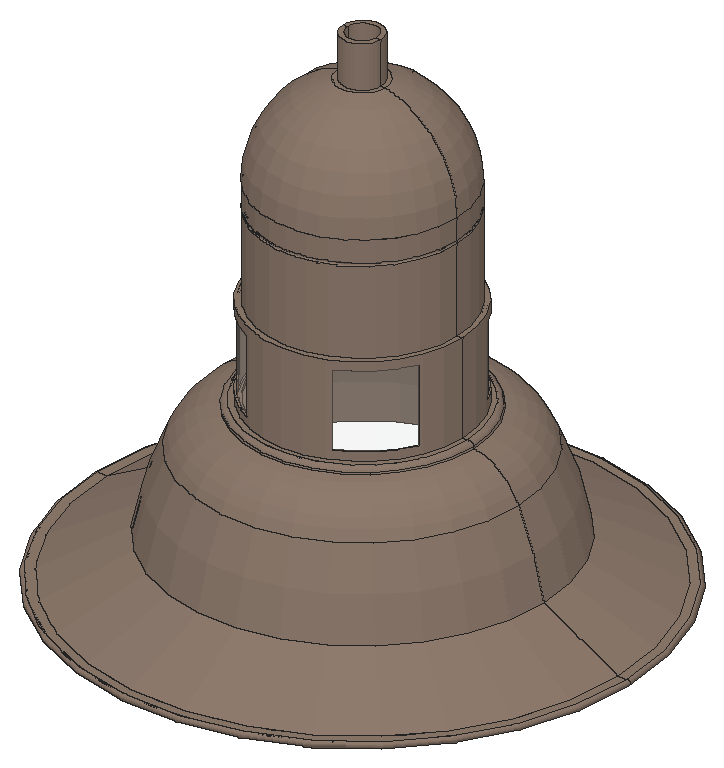
Revit family "BVB3004", category Generic Models, Revit 2014
Parameters
  GLASS = Glass
  BELL = Bronze, Architectural
Reference planes (in)
  plane 1 "Center (Front/Back)": y = 0
  plane 2: z = 0
  plane 3 "Center (Left/Right)": x = 0
Forms (in)
  Revolve 1, solid, material "Bronze, Architectural" <- "BELL"
    sketch origin (0, 0, 0) x (1, 0, 0) y (0, 0, 1)
      loop
        line (-1.0625, 27.59336) -> (-1.0625, 25.27982) -> (-0.8125, 25.27982) -> (-0.8125, 27.59336) -> (-1.0625, 27.59336)
      axis (0, 27.59336) -> (0, 25.27982)
    angle from 0 to 360
  Revolve 2, solid, material "Bronze, Architectural" <- "BELL"
    sketch origin (0, 0, 0) x (1, 0, 0) y (0, 0, 1)
      loop
        arc (-1.32706, 25.27982) -> (-4.19654, 23.39075) -> (-5.30825, 20.14012) r 5.30825
        line (-5.30825, 20.14012) -> (-5.30825, 18.96919)
        arc (-5.30825, 18.96919) -> (-5.26007, 18.89112) -> (-5.30825, 18.81306) r 0.08733
        line (-5.30825, 18.81306) -> (-5.30825, 14.20737) -> (-5.6205, 14.20737) -> (-5.6205, 9.21137) -> (-5.30825, 9.21137) -> (-5.30825, 9.30512) -> (-5.52675, 9.30512) -> (-5.52675, 14.11362) -> (-5.2145, 14.11362) -> (-5.2145, 18.76813)
        arc (-5.2145, 18.76813) -> (-5.16632, 18.89112) -> (-5.2145, 19.01412) r 0.18108
        line (-5.2145, 19.01412) -> (-5.2145, 20.14012)
        arc (-5.2145, 20.14012) -> (-4.12605, 23.32865) -> (-1.3151, 25.18607) r 5.2145
        line (-1.3151, 25.18607) -> (-0.32706, 25.18607) -> (-0.32706, 25.27982) -> (-1.32706, 25.27982)
      axis (0, 25.27982) -> (0, 9.21137)
    angle from 0 to 360
  Revolve 3, solid, material "Bronze, Architectural" <- "BELL"
    sketch origin (0, 0, 0) x (1, 0, 0) y (0, 0, 1)
      loop
        arc (-5.91964, 9.21137) -> (-6.10687, 9.14902) -> (-6.21932, 8.98686) r 0.31225
        line (-6.21932, 8.98686) -> (-6.245, 8.89912)
        arc (-6.245, 8.89912) -> (-7.76959, 8.22351) -> (-8.743, 6.8695) r 3.18146
        arc (-8.743, 6.8695) -> (-9.59864, 4.73295) -> (-10.14812, 2.498) r 16.47131
        line (-10.14812, 2.498) -> (-14.33078, 0.31225) -> (-14.83187, 0.31225)
        arc (-14.83187, 0.31225) -> (-14.988, 0.15612) -> (-14.83187, 0) r 0.15612
        line (-14.83187, 0) -> (-14.72588, 0) -> (-10.06356, 2.43641)
        arc (-10.06356, 2.43641) -> (-9.51579, 4.68431) -> (-8.65671, 6.83259) r 16.37756
        arc (-8.65671, 6.83259) -> (-7.68901, 8.16803) -> (-6.17198, 8.81489) r 3.08771
        line (-6.17198, 8.81489) -> (-6.12934, 8.96052)
        arc (-6.12934, 8.96052) -> (-6.05066, 9.07399) -> (-5.91964, 9.11762) r 0.2185
        line (-5.91964, 9.11762) -> (-4.91964, 9.11762) -> (-4.91964, 9.21137) -> (-5.91964, 9.21137)
      axis (0, 9.21137) -> (0, 0)
    angle from 0 to 360
  Extrusion 4, void
    sketch origin (2.2482, -2.25045, 0) x (0.707107, -0.707107, 0) y (0, 0, 1)
      loop
        line (-1.249, 13.739) -> (-5.11309, 13.739) -> (-5.11309, 9.67975) -> (-1.249, 9.67975) -> (-1.249, 13.739)
    from 4.4319 to 5.82986
  Extrusion 5, void
    sketch origin (-2.2482, 2.25045, 0) x (-0.707107, 0.707107, 0) y (0, 0, 1)
      loop
        line (-1.249, 13.739) -> (-5.11309, 13.739) -> (-5.11309, 9.67975) -> (-1.249, 9.67975) -> (-1.249, 13.739)
    from 4.4319 to 5.82986
  Extrusion 6, void
    sketch origin (2.25045, 2.2482, 0) x (0.707107, 0.707107, 0) y (0, 0, 1)
      loop
        line (-1.249, 13.739) -> (-5.11309, 13.739) -> (-5.11309, 9.67975) -> (-1.249, 9.67975) -> (-1.249, 13.739)
    from 4.4319 to 5.82986
  Extrusion 7, void
    sketch origin (-2.25045, -2.2482, 0) x (-0.707107, -0.707107, 0) y (0, 0, 1)
      loop
        line (-1.249, 13.739) -> (-5.11309, 13.739) -> (-5.11309, 9.67975) -> (-1.249, 9.67975) -> (-1.249, 13.739)
    from 4.4319 to 5.82986
  Revolve 8, solid, material "Glass" <- "GLASS"
    sketch origin (0, 0, 0) x (1, 0, 0) y (0, 0, 1)
      loop
        line (-5.52675, 14.11362) -> (-5.52675, 9.30512) -> (-5.40175, 9.30512) -> (-5.40175, 14.11362) -> (-5.52675, 14.11362)
      axis (0, 14.11362) -> (0, 9.30512)
    angle from 0 to 360
Cuts and joins
  Extrusion 4, Extrusion 5, Extrusion 6, Extrusion 7 cuts Revolve 2
Dimensions and locks (in)
  aligned and locked: plane 2 to level
